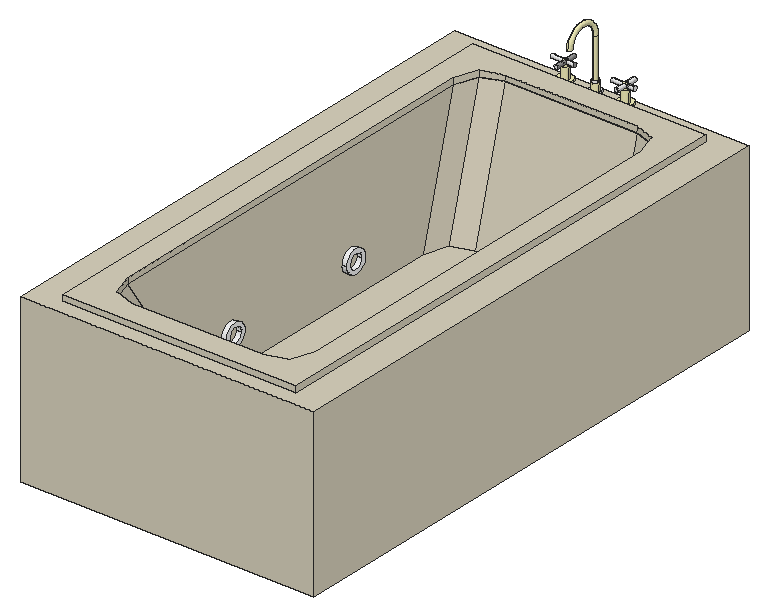
Revit family
Parameters
  Width = 3' - 3"
  Weight = 1126
  Wattage = 0
  Waste Connection = no
  Warranty Duration (Years) = 10
  Voltage = 120
  Vent Connection = no
  URL = "http://www.arcat.com"
  Type Comments = ""
  Test Data = ""
  Specification = "http://www.arcat.com/divs/sec/sec15410.shtml"
  Sales Information = ""
  Product Properties = "http://www.arcat.com/bim/bim_info.pl?fn=Tub_Whirlpool"
  Product Data = "http://www.arcat.com/divs/sec/sec15410.shtml"
  Operating Volume (Gal) = 86
  Model = "Generic"  # constant formula
  Max Water Temp - F = 120
  Manufacturer Website = "http://www.arcat.com"
  Manufacturer Phone - Toll Free = ""
  Manufacturer Phone = "(203) 929-9444"  # constant formula
  Manufacturer Fax = "(203) 939-2444"  # constant formula
  Manufacturer Email = "bim@arcat.com"  # constant formula
  Manufacturer Address = "1077 Bridgeport Ave, Shelton, CT 06484"  # constant formula
  Manufacturer = "Generic"  # constant formula
  Maintenance Schedule (Months) = 6
  Length = 6' - 0"
  Keynote = "15410"
  Jet Count = 12
  Installation_Fabrication = ""
  Installation Phase = ""
  Height = 1' - 10"
  HW Connection = no
  Green Building - LEED = "http://www.arcat.com/green/green_building.shtml"
  Flow Type = "Air Bath"
  Finish - Bath Fixtures = ARCAT - Metal - Brass
  Finish - Bath Fixture Accent = ARCAT - Metal - Chrome
  Finish - Bath Fittings = ARCAT - Fiberglass - Cream
  Faucet-Controls [instance] = Basic Faucet : Basic Faucet
  Expected Lifespan (Years) = 20
  Drawn By = "Robert S. Weygant. CSI, CDT, SCIP"  # constant formula
  Drain Overflow Height = 1' - 6 1/2"
  Description = "Tub, Whirlpool"  # constant formula
  Default Elevation = "4' 0\""
  Copyright = "2008, ARCAT, Inc."  # constant formula
  Construction Details = "http://www.arcat.com/divs/sec/sec15410.shtml"
  CW Connection = no
  Building Codes = ""
  Assembly Code = "D2010510"
  Amperage = 15
Reference planes (in)
  plane 1: z = 0
  plane 2: y = -41.78062
  plane 3: y = -41.78062
  plane 4: z = 26
  plane 5: y = 42.21938
  plane 6: x = -72.38549
  plane 7: x = -111.38549
  plane 8: y = 32.21938
  plane 9: y = -19.78062
  plane 10: x = -104.38549
  plane 11: x = -79.38549
  plane 12: y = -29.78062
  plane 13: y = 6.21938
  plane 14: x = -91.88549
  plane 15: z = 26
  plane 16: y = -31.78062
  plane 17: z = 22
  plane 18: y = -31.78062
  plane 19: z = 26
  plane 20 "Connection Level": z = 70
Forms (in)
  Revolve 1, solid, not visible
    sketch origin (5.5, 0, 0) x (0, -1, 0) y (0, 0, -1)
      loop
        line (34.12552, -13.90445) -> (34.03935, -13.15942)
        arc (34.03935, -13.15942) -> (33.99048, -13.17966) -> (33.97023, -13.22853) r 0.06911
        arc (33.97023, -13.22853) -> (33.93871, -13.57621) -> (33.94591, -13.92523) r 3.14606
        line (33.94591, -13.92523) -> (34.06023, -13.91201) -> (34.06905, -13.98821) -> (34.13434, -13.98066) -> (34.12552, -13.90445)
      axis (33.95472, -14.00144) -> (34.13434, -13.98066)
    angle from 0 to 360
  Revolve 2, solid, not visible
    sketch origin (5.5, 0, 0) x (0, -1, 0) y (0, 0, -1)
      loop
        line (34.07786, -14.06442) -> (34.06905, -13.98821) -> (34.01543, -13.99442) -> (34.01543, -14.05231)
        arc (34.01543, -14.05231) -> (33.95153, -14.13636) -> (33.85546, -14.18013) r 0.2162
        arc (33.85546, -14.18013) -> (33.64068, -14.18643) -> (33.4338, -14.12835) r 0.71185
        line (33.4338, -14.12835) -> (33.40802, -14.18529)
        arc (33.40802, -14.18529) -> (33.63306, -14.24846) -> (33.8667, -14.24161) r 0.77435
        arc (33.8667, -14.24161) -> (33.99572, -14.18095) -> (34.07786, -14.06442) r 0.2787
      axis (34.06905, -13.98821) -> (33.39426, -14.06627)
    angle from 0 to 360
  Revolve 3, solid, not visible
    sketch origin (2.25, -0.30355, 2.39213) x (0, -1, 0) y (0, 0, -1)
      loop
        line (34.12552, -13.90445) -> (34.03935, -13.15942)
        arc (34.03935, -13.15942) -> (33.99048, -13.17966) -> (33.97023, -13.22853) r 0.06911
        arc (33.97023, -13.22853) -> (33.93871, -13.57621) -> (33.94591, -13.92523) r 3.14606
        line (33.94591, -13.92523) -> (34.06023, -13.91201) -> (34.06905, -13.98821) -> (34.13434, -13.98066) -> (34.12552, -13.90445)
      axis (33.95472, -14.00144) -> (34.13434, -13.98066)
    angle from 0 to 360
  Revolve 4, solid, not visible
    sketch origin (2.25, -0.30355, 2.39213) x (0, -1, 0) y (0, 0, -1)
      loop
        line (34.07786, -14.06442) -> (34.06905, -13.98821) -> (34.01543, -13.99442) -> (34.01543, -14.05231)
        arc (34.01543, -14.05231) -> (33.95153, -14.13636) -> (33.85546, -14.18013) r 0.2162
        arc (33.85546, -14.18013) -> (33.64068, -14.18643) -> (33.4338, -14.12835) r 0.71185
        line (33.4338, -14.12835) -> (33.40802, -14.18529)
        arc (33.40802, -14.18529) -> (33.63306, -14.24846) -> (33.8667, -14.24161) r 0.77435
        arc (33.8667, -14.24161) -> (33.99572, -14.18095) -> (34.07786, -14.06442) r 0.2787
      axis (34.06905, -13.98821) -> (33.39426, -14.06627)
    angle from 0 to 360
  Revolve 5, solid, not visible
    sketch origin (-5.5, 0, 0) x (0, -1, 0) y (0, 0, 1)
      loop
        line (34.12552, 13.90445) -> (34.13434, 13.98066) -> (34.06905, 13.98821) -> (34.06023, 13.91201) -> (33.94591, 13.92523)
        arc (33.94591, 13.92523) -> (33.93871, 13.57621) -> (33.97023, 13.22853) r 3.14606
        arc (33.97023, 13.22853) -> (33.99048, 13.17966) -> (34.03935, 13.15942) r 0.06911
        line (34.03935, 13.15942) -> (34.12552, 13.90445)
      axis (33.95472, 14.00144) -> (34.13434, 13.98066)
    angle from 0 to 360
  Revolve 6, solid, not visible
    sketch origin (-5.5, 0, 0) x (0, -1, 0) y (0, 0, 1)
      loop
        arc (34.07786, 14.06442) -> (33.99572, 14.18095) -> (33.8667, 14.24161) r 0.2787
        arc (33.8667, 14.24161) -> (33.63306, 14.24846) -> (33.40802, 14.18529) r 0.77435
        line (33.40802, 14.18529) -> (33.4338, 14.12835)
        arc (33.4338, 14.12835) -> (33.64068, 14.18643) -> (33.85546, 14.18013) r 0.71185
        arc (33.85546, 14.18013) -> (33.95153, 14.13636) -> (34.01543, 14.05231) r 0.2162
        line (34.01543, 14.05231) -> (34.01543, 13.99442) -> (34.06905, 13.98821) -> (34.07786, 14.06442)
      axis (34.06905, 13.98821) -> (33.39426, 14.06627)
    angle from 0 to 360
  Revolve 7, solid, not visible
    sketch origin (-2.25, -0.30355, 2.39213) x (0, -1, 0) y (0, 0, 1)
      loop
        line (34.12552, 13.90445) -> (34.13434, 13.98066) -> (34.06905, 13.98821) -> (34.06023, 13.91201) -> (33.94591, 13.92523)
        arc (33.94591, 13.92523) -> (33.93871, 13.57621) -> (33.97023, 13.22853) r 3.14606
        arc (33.97023, 13.22853) -> (33.99048, 13.17966) -> (34.03935, 13.15942) r 0.06911
        line (34.03935, 13.15942) -> (34.12552, 13.90445)
      axis (33.95472, 14.00144) -> (34.13434, 13.98066)
    angle from 0 to 360
  Revolve 8, solid, not visible
    sketch origin (-2.25, -0.30355, 2.39213) x (0, -1, 0) y (0, 0, 1)
      loop
        arc (34.07786, 14.06442) -> (33.99572, 14.18095) -> (33.8667, 14.24161) r 0.2787
        arc (33.8667, 14.24161) -> (33.63306, 14.24846) -> (33.40802, 14.18529) r 0.77435
        line (33.40802, 14.18529) -> (33.4338, 14.12835)
        arc (33.4338, 14.12835) -> (33.64068, 14.18643) -> (33.85546, 14.18013) r 0.71185
        arc (33.85546, 14.18013) -> (33.95153, 14.13636) -> (34.01543, 14.05231) r 0.2162
        line (34.01543, 14.05231) -> (34.01543, 13.99442) -> (34.06905, 13.98821) -> (34.07786, 14.06442)
      axis (34.06905, 13.98821) -> (33.39426, 14.06627)
    angle from 0 to 360
  Revolve 9, solid, not visible
    sketch origin (5.5, 0, 0) x (0, -1, 0) y (0, 0, -1)
      loop
        line (34.12552, -13.90445) -> (34.03935, -13.15942)
        arc (34.03935, -13.15942) -> (33.99048, -13.17966) -> (33.97023, -13.22853) r 0.06911
        arc (33.97023, -13.22853) -> (33.93871, -13.57621) -> (33.94591, -13.92523) r 3.14606
        line (33.94591, -13.92523) -> (34.06023, -13.91201) -> (34.06905, -13.98821) -> (34.13434, -13.98066) -> (34.12552, -13.90445)
      axis (33.95472, -14.00144) -> (34.13434, -13.98066)
    angle from 0 to 360
  Revolve 10, solid, not visible
    sketch origin (5.5, 0, 0) x (0, -1, 0) y (0, 0, -1)
      loop
        line (34.07786, -14.06442) -> (34.06905, -13.98821) -> (34.01543, -13.99442) -> (34.01543, -14.05231)
        arc (34.01543, -14.05231) -> (33.95153, -14.13636) -> (33.85546, -14.18013) r 0.2162
        arc (33.85546, -14.18013) -> (33.64068, -14.18643) -> (33.4338, -14.12835) r 0.71185
        line (33.4338, -14.12835) -> (33.40802, -14.18529)
        arc (33.40802, -14.18529) -> (33.63306, -14.24846) -> (33.8667, -14.24161) r 0.77435
        arc (33.8667, -14.24161) -> (33.99572, -14.18095) -> (34.07786, -14.06442) r 0.2787
      axis (34.06905, -13.98821) -> (33.39426, -14.06627)
    angle from 0 to 360
  Revolve 11, solid, not visible
    sketch origin (2.25, -0.30355, 2.39213) x (0, -1, 0) y (0, 0, -1)
      loop
        line (34.12552, -13.90445) -> (34.03935, -13.15942)
        arc (34.03935, -13.15942) -> (33.99048, -13.17966) -> (33.97023, -13.22853) r 0.06911
        arc (33.97023, -13.22853) -> (33.93871, -13.57621) -> (33.94591, -13.92523) r 3.14606
        line (33.94591, -13.92523) -> (34.06023, -13.91201) -> (34.06905, -13.98821) -> (34.13434, -13.98066) -> (34.12552, -13.90445)
      axis (33.95472, -14.00144) -> (34.13434, -13.98066)
    angle from 0 to 360
  Revolve 12, solid, not visible
    sketch origin (2.25, -0.30355, 2.39213) x (0, -1, 0) y (0, 0, -1)
      loop
        line (34.07786, -14.06442) -> (34.06905, -13.98821) -> (34.01543, -13.99442) -> (34.01543, -14.05231)
        arc (34.01543, -14.05231) -> (33.95153, -14.13636) -> (33.85546, -14.18013) r 0.2162
        arc (33.85546, -14.18013) -> (33.64068, -14.18643) -> (33.4338, -14.12835) r 0.71185
        line (33.4338, -14.12835) -> (33.40802, -14.18529)
        arc (33.40802, -14.18529) -> (33.63306, -14.24846) -> (33.8667, -14.24161) r 0.77435
        arc (33.8667, -14.24161) -> (33.99572, -14.18095) -> (34.07786, -14.06442) r 0.2787
      axis (34.06905, -13.98821) -> (33.39426, -14.06627)
    angle from 0 to 360
  Revolve 13, solid, not visible
    sketch origin (-5.5, 0, 0) x (0, -1, 0) y (0, 0, 1)
      loop
        line (34.15203, 13.90139) -> (34.16084, 13.9776) -> (34.06905, 13.98821) -> (34.06057, 13.91489) -> (33.96639, 13.92579)
        arc (33.96639, 13.92579) -> (33.9596, 13.58312) -> (33.99025, 13.24175) r 3.1349
        arc (33.99025, 13.24175) -> (34.01269, 13.18758) -> (34.06686, 13.16514) r 0.07661
        line (34.06686, 13.16514) -> (34.15203, 13.90139)
      axis (33.97487, 13.99911) -> (34.16084, 13.9776)
    angle from 0 to 360
  Revolve 14, solid, not visible
    sketch origin (-5.5, 0, 0) x (0, -1, 0) y (0, 0, 1)
      loop
        arc (34.07786, 14.06442) -> (33.99572, 14.18095) -> (33.8667, 14.24161) r 0.2787
        arc (33.8667, 14.24161) -> (33.63306, 14.24846) -> (33.40802, 14.18529) r 0.77435
        line (33.40802, 14.18529) -> (33.4338, 14.12835)
        arc (33.4338, 14.12835) -> (33.64068, 14.18643) -> (33.85546, 14.18013) r 0.71185
        arc (33.85546, 14.18013) -> (33.95153, 14.13636) -> (34.01543, 14.05231) r 0.2162
        line (34.01543, 14.05231) -> (34.01543, 13.99442) -> (34.06905, 13.98821) -> (34.07786, 14.06442)
      axis (34.06905, 13.98821) -> (33.39426, 14.06627)
    angle from 0 to 360
  Revolve 15, solid, not visible
    sketch origin (-2.25, -0.30355, 2.39213) x (0, -1, 0) y (0, 0, 1)
      loop
        line (34.12552, 13.90445) -> (34.13434, 13.98066) -> (34.06905, 13.98821) -> (34.06023, 13.91201) -> (33.94591, 13.92523)
        arc (33.94591, 13.92523) -> (33.93871, 13.57621) -> (33.97023, 13.22853) r 3.14606
        arc (33.97023, 13.22853) -> (33.99048, 13.17966) -> (34.03935, 13.15942) r 0.06911
        line (34.03935, 13.15942) -> (34.12552, 13.90445)
      axis (33.95472, 14.00144) -> (34.13434, 13.98066)
    angle from 0 to 360
  Revolve 16, solid, not visible
    sketch origin (-2.25, -0.30355, 2.39213) x (0, -1, 0) y (0, 0, 1)
      loop
        arc (34.07786, 14.06442) -> (33.99572, 14.18095) -> (33.8667, 14.24161) r 0.2787
        arc (33.8667, 14.24161) -> (33.63306, 14.24846) -> (33.40802, 14.18529) r 0.77435
        line (33.40802, 14.18529) -> (33.4338, 14.12835)
        arc (33.4338, 14.12835) -> (33.64068, 14.18643) -> (33.85546, 14.18013) r 0.71185
        arc (33.85546, 14.18013) -> (33.95153, 14.13636) -> (34.01543, 14.05231) r 0.2162
        line (34.01543, 14.05231) -> (34.01543, 13.99442) -> (34.06905, 13.98821) -> (34.07786, 14.06442)
      axis (34.06905, 13.98821) -> (33.39426, 14.06627)
    angle from 0 to 360
  Extrusion 17, solid, material "ARCAT - Fiberglass - Cream" <- "Finish - Bath Fittings"
    sketch origin (0, 0, -26) x (1, 0, 0) y (0, 1, 0)
      loop
        line (-72.38549, 42.21938) -> (-111.38549, 42.21938) -> (-111.38549, -29.78062) -> (-72.38549, -29.78062) -> (-72.38549, 42.21938)
    from 26 to 48
  Blend 18, void
    base sketch origin (0, 0, 1) x (1, 0, 0) y (0, 1, 0)
      loop
        line (-100.63801, 32.21938) -> (-103.38549, 31.21938) -> (-104.38549, 28.21938) -> (-104.38549, -9.03062) -> (-103.38549, -12.03062) -> (-100.63801, -13.03062) -> (-83.13296, -13.03062) -> (-80.38549, -12.03062) -> (-79.38549, -9.03062) -> (-79.38549, 28.21938) -> (-80.38549, 31.21938) -> (-83.13296, 32.21938) -> (-100.63801, 32.21938)
    top sketch origin (0, 0, 1) x (1, 0, 0) y (0, 1, 0)
      loop
        line (-100.63801, 37.21938) -> (-103.38549, 36.21938) -> (-104.38549, 33.21938) -> (-104.38549, -20.78062) -> (-103.38549, -23.78062) -> (-100.63801, -24.78062) -> (-83.13296, -24.78062) -> (-80.38549, -23.78062) -> (-79.38549, -20.78062) -> (-79.38549, 33.21938) -> (-80.38549, 36.21938) -> (-83.13296, 37.21938) -> (-100.63801, 37.21938)
    from 3 to 21
  Extrusion 19, solid, material "ARCAT - Metal - Chrome" <- "Finish - Bath Fixture Accent"
    sketch origin (-89.63549, -15.56123, 0.10521) x (0, -1, 0) y (0, 0, 1)
      loop
        circle (-11.78062, 8.57439) r 1.5
      loop
        circle (-11.78062, 8.57439) r 1
    from 14 to 14.75
  Revolve 20, solid, not visible
    sketch origin (-94.31633, 0.4995, 5.51444) x (0, -0.987567, -0.157196) y (0, 0.157196, -0.987567)
      loop
        line (34.12552, -13.90445) -> (34.03935, -13.15942)
        arc (34.03935, -13.15942) -> (33.99048, -13.17966) -> (33.97023, -13.22853) r 0.06911
        arc (33.97023, -13.22853) -> (33.93871, -13.57621) -> (33.94591, -13.92523) r 3.14606
        line (33.94591, -13.92523) -> (34.06023, -13.91201) -> (34.06905, -13.98821) -> (34.13434, -13.98066) -> (34.12552, -13.90445)
      axis (33.95472, -14.00144) -> (34.13434, -13.98066)
    angle from 0 to 360
  Revolve 21, solid, not visible
    sketch origin (-94.31633, 0.4995, 5.51444) x (0, -0.987567, -0.157196) y (0, 0.157196, -0.987567)
      loop
        line (34.07786, -14.06442) -> (34.06905, -13.98821) -> (34.01543, -13.99442) -> (34.01543, -14.05231)
        arc (34.01543, -14.05231) -> (33.95153, -14.13636) -> (33.85546, -14.18013) r 0.2162
        arc (33.85546, -14.18013) -> (33.64068, -14.18643) -> (33.4338, -14.12835) r 0.71185
        line (33.4338, -14.12835) -> (33.40802, -14.18529)
        arc (33.40802, -14.18529) -> (33.63306, -14.24846) -> (33.8667, -14.24161) r 0.77435
        arc (33.8667, -14.24161) -> (33.99572, -14.18095) -> (34.07786, -14.06442) r 0.2787
      axis (34.06905, -13.98821) -> (33.39426, -14.06627)
    angle from 0 to 360
  Extrusion 22, solid, material "ARCAT - Metal - Chrome" <- "Finish - Bath Fixture Accent"
    sketch origin (-89.63549, 16, 0.10521) x (0, 1, 0) y (0, 0, -1)
      loop
        circle (0.21938, -8.57439) r 1.5
      loop
        circle (0.21938, -8.57439) r 1
    from 14 to 14.75
  Extrusion 23, solid, material "ARCAT - Metal - Chrome" <- "Finish - Bath Fixture Accent"
    sketch origin (-106.13549, -15.56123, 0.10521) x (0, -1, 0) y (0, 0, -1)
      loop
        circle (-11.78062, -8.57439) r 1.5
      loop
        circle (-11.78062, -8.57439) r 1
    from 26 to 26.75
  Extrusion 24, solid, material "ARCAT - Metal - Chrome" <- "Finish - Bath Fixture Accent"
    sketch origin (-106.13549, 16, 0.10521) x (0, 1, 0) y (0, 0, 1)
      loop
        circle (0.21938, 8.57439) r 1.5
      loop
        circle (0.21938, 8.57439) r 1
    from 26 to 26.75
  Revolve 25, solid, not visible
    sketch origin (-91.90974, 0.4995, 5.51444) x (0, -0.987567, -0.157196) y (0, 0.157196, -0.987567)
      loop
        line (34.12552, -13.90445) -> (34.03935, -13.15942)
        arc (34.03935, -13.15942) -> (33.99048, -13.17966) -> (33.97023, -13.22853) r 0.06911
        arc (33.97023, -13.22853) -> (33.93871, -13.57621) -> (33.94591, -13.92523) r 3.14606
        line (33.94591, -13.92523) -> (34.06023, -13.91201) -> (34.06905, -13.98821) -> (34.13434, -13.98066) -> (34.12552, -13.90445)
      axis (33.95472, -14.00144) -> (34.13434, -13.98066)
    angle from 0 to 360
  Revolve 26, solid, not visible
    sketch origin (-91.90974, 0.4995, 5.51444) x (0, -0.987567, -0.157196) y (0, 0.157196, -0.987567)
      loop
        line (34.07786, -14.06442) -> (34.06905, -13.98821) -> (34.01543, -13.99442) -> (34.01543, -14.05231)
        arc (34.01543, -14.05231) -> (33.95153, -14.13636) -> (33.85546, -14.18013) r 0.2162
        arc (33.85546, -14.18013) -> (33.64068, -14.18643) -> (33.4338, -14.12835) r 0.71185
        line (33.4338, -14.12835) -> (33.40802, -14.18529)
        arc (33.40802, -14.18529) -> (33.63306, -14.24846) -> (33.8667, -14.24161) r 0.77435
        arc (33.8667, -14.24161) -> (33.99572, -14.18095) -> (34.07786, -14.06442) r 0.2787
      axis (34.06905, -13.98821) -> (33.39426, -14.06627)
    angle from 0 to 360
  Revolve 27, solid, not visible
    sketch origin (-103.90974, 0.4995, 5.51444) x (0, -0.987567, -0.157196) y (0, 0.157196, -0.987567)
      loop
        line (34.12552, -13.90445) -> (34.03935, -13.15942)
        arc (34.03935, -13.15942) -> (33.99048, -13.17966) -> (33.97023, -13.22853) r 0.06911
        arc (33.97023, -13.22853) -> (33.93871, -13.57621) -> (33.94591, -13.92523) r 3.14606
        line (33.94591, -13.92523) -> (34.06023, -13.91201) -> (34.06905, -13.98821) -> (34.13434, -13.98066) -> (34.12552, -13.90445)
      axis (33.95472, -14.00144) -> (34.13434, -13.98066)
    angle from 0 to 360
  Revolve 28, solid, not visible
    sketch origin (-103.90974, 0.4995, 5.51444) x (0, -0.987567, -0.157196) y (0, 0.157196, -0.987567)
      loop
        line (34.07786, -14.06442) -> (34.06905, -13.98821) -> (34.01543, -13.99442) -> (34.01543, -14.05231)
        arc (34.01543, -14.05231) -> (33.95153, -14.13636) -> (33.85546, -14.18013) r 0.2162
        arc (33.85546, -14.18013) -> (33.64068, -14.18643) -> (33.4338, -14.12835) r 0.71185
        line (33.4338, -14.12835) -> (33.40802, -14.18529)
        arc (33.40802, -14.18529) -> (33.63306, -14.24846) -> (33.8667, -14.24161) r 0.77435
        arc (33.8667, -14.24161) -> (33.99572, -14.18095) -> (34.07786, -14.06442) r 0.2787
      axis (34.06905, -13.98821) -> (33.39426, -14.06627)
    angle from 0 to 360
  Revolve 29, solid, not visible
    sketch origin (-95.90974, 0.4995, 5.51444) x (0, -0.987567, -0.157196) y (0, 0.157196, -0.987567)
      loop
        line (34.12552, -13.90445) -> (34.03935, -13.15942)
        arc (34.03935, -13.15942) -> (33.99048, -13.17966) -> (33.97023, -13.22853) r 0.06911
        arc (33.97023, -13.22853) -> (33.93871, -13.57621) -> (33.94591, -13.92523) r 3.14606
        line (33.94591, -13.92523) -> (34.06023, -13.91201) -> (34.06905, -13.98821) -> (34.13434, -13.98066) -> (34.12552, -13.90445)
      axis (33.95472, -14.00144) -> (34.13434, -13.98066)
    angle from 0 to 360
  Revolve 30, solid, not visible
    sketch origin (-95.90974, 0.4995, 5.51444) x (0, -0.987567, -0.157196) y (0, 0.157196, -0.987567)
      loop
        line (34.07786, -14.06442) -> (34.06905, -13.98821) -> (34.01543, -13.99442) -> (34.01543, -14.05231)
        arc (34.01543, -14.05231) -> (33.95153, -14.13636) -> (33.85546, -14.18013) r 0.2162
        arc (33.85546, -14.18013) -> (33.64068, -14.18643) -> (33.4338, -14.12835) r 0.71185
        line (33.4338, -14.12835) -> (33.40802, -14.18529)
        arc (33.40802, -14.18529) -> (33.63306, -14.24846) -> (33.8667, -14.24161) r 0.77435
        arc (33.8667, -14.24161) -> (33.99572, -14.18095) -> (34.07786, -14.06442) r 0.2787
      axis (34.06905, -13.98821) -> (33.39426, -14.06627)
    angle from 0 to 360
  Revolve 31, solid, not visible
    sketch origin (-99.90974, 0.4995, 5.51444) x (0, -0.987567, -0.157196) y (0, 0.157196, -0.987567)
      loop
        line (34.12552, -13.90445) -> (34.03935, -13.15942)
        arc (34.03935, -13.15942) -> (33.99048, -13.17966) -> (33.97023, -13.22853) r 0.06911
        arc (33.97023, -13.22853) -> (33.93871, -13.57621) -> (33.94591, -13.92523) r 3.14606
        line (33.94591, -13.92523) -> (34.06023, -13.91201) -> (34.06905, -13.98821) -> (34.13434, -13.98066) -> (34.12552, -13.90445)
      axis (33.95472, -14.00144) -> (34.13434, -13.98066)
    angle from 0 to 360
  Revolve 32, solid, not visible
    sketch origin (-99.90974, 0.4995, 5.51444) x (0, -0.987567, -0.157196) y (0, 0.157196, -0.987567)
      loop
        line (34.07786, -14.06442) -> (34.06905, -13.98821) -> (34.01543, -13.99442) -> (34.01543, -14.05231)
        arc (34.01543, -14.05231) -> (33.95153, -14.13636) -> (33.85546, -14.18013) r 0.2162
        arc (33.85546, -14.18013) -> (33.64068, -14.18643) -> (33.4338, -14.12835) r 0.71185
        line (33.4338, -14.12835) -> (33.40802, -14.18529)
        arc (33.40802, -14.18529) -> (33.63306, -14.24846) -> (33.8667, -14.24161) r 0.77435
        arc (33.8667, -14.24161) -> (33.99572, -14.18095) -> (34.07786, -14.06442) r 0.2787
      axis (34.06905, -13.98821) -> (33.39426, -14.06627)
    angle from 0 to 360
  Extrusion 33, solid, material "ARCAT - Fiberglass - Cream" <- "Finish - Bath Fittings"
    sketch origin (0, 1, 0) x (1, 0, 0) y (0, 1, 0)
      loop
        line (-100.63801, 36.21938) -> (-103.38549, 35.21938) -> (-104.38549, 32.21938) -> (-104.38549, -21.78062) -> (-103.38549, -24.78062) -> (-100.63801, -25.78062) -> (-83.13296, -25.78062) -> (-80.38549, -24.78062) -> (-79.38549, -21.78062) -> (-79.38549, 32.21938) -> (-80.38549, 35.21938) -> (-83.13296, 36.21938) -> (-100.63801, 36.21938)
      loop
        line (-107.38549, 39.21938) -> (-107.38549, -28.78062) -> (-76.38549, -28.78062) -> (-76.38549, 39.21938) -> (-107.38549, 39.21938)
    from 22 to 22.75
Cuts and joins
  Blend 18 cuts Extrusion 17
Dimensions and locks (in)
  "Length": plane 12 to plane 5
  "Width": plane 7 to plane 6
  equal spacing: plane 12, plane 13, plane 5
  locked: Blend 18 sketch curve to plane 9 at 5
  locked: Blend 18 sketch curve to plane 8 at 5
  var sketch to Blend 18 sketch curve = 0' - 0"  (x2)
  locked: plane 12 to plane 9 at 10
  locked: plane 5 to plane 8 at 10
  locked: plane 7 to plane 10 at 7
  locked: plane 11 to plane 6 at 7
  plane 7 to Blend 18 sketch curve = 0' - 7"
  Blend 18 sketch curve to plane 6 = 0' - 7"
  locked: Extrusion 19 to Extrusion 19 at 0.75
  locked: Extrusion 22 to Extrusion 22 at 0.75  (x2)
  locked: Extrusion 23 to Extrusion 23 at 0.75
  locked: Extrusion 24 to Extrusion 24 at 0.75  (x2)
  "Height": plane 17 to level
  equal spacing: plane 7, plane 14, plane 6
  locked: plane 17 to cut or joined group of Extrusion 17, Blend 18 at 0
  Extrusion 33 to Extrusion 33 to plane 17 = 0' - 0 3/4" locked, 0' - 0" locked
  aligned and locked: plane 10 to Extrusion 19
  aligned and locked: plane 11 to Extrusion 24
  aligned and locked: plane 10 to Extrusion 22
  aligned and locked: plane 17 to cut or joined group of Extrusion 17, Blend 18  (x2)
  aligned and locked: cut or joined group of Extrusion 17, Blend 18 to plane 17
Automatic sketch dimensions
  Revolve 1 sketch curve to Revolve 1 sketch curve = 0' - 0.02433"
  Revolve 1 sketch curve to Revolve 1 sketch curve = 0' - 0.06911"
  Revolve 1 sketch curve to Revolve 1 sketch curve = 0' - 0.11433"
  Revolve 1 sketch curve to Revolve 1 sketch curve = 0' - 0.00881"
  Revolve 1 sketch curve to Revolve 1 sketch curve = 0' - 0"  (x4)
  Revolve 1 sketch curve to Revolve 1 sketch curve = 0' - 0.06529"  (x2)
  Revolve 1 sketch curve to Revolve 1 sketch curve = 0' - 2.94852"
  Revolve 1 sketch curve to Revolve 1 sketch curve = 0' - 0.00755"
  Revolve 1 sketch curve to Revolve 1 sketch curve = 0' - 0.29466"
  Revolve 2 sketch curve to Revolve 2 sketch curve = 0' - 0"  (x14)
  Revolve 2 sketch curve to Revolve 2 sketch curve = 0' - 0.02578"
  Revolve 2 sketch curve to Revolve 2 sketch curve = 0' - 0.29363"
  Revolve 2 sketch curve to Revolve 2 sketch curve = 0' - 0.38277"
  Revolve 2 sketch curve to Revolve 2 sketch curve = 0' - 0.03888"
  Revolve 2 sketch curve to Revolve 2 sketch curve = 0' - 0.01124"
  Revolve 2 sketch curve to Revolve 2 sketch curve = 0' - 0.15997"
  Revolve 2 sketch curve to Revolve 2 sketch curve = 0' - 0.05362"
  Revolve 2 sketch curve to Revolve 2 sketch curve = 0' - 0.06244"
  Revolve 2 sketch curve to Revolve 2 sketch curve = 0' - 0.05632"
  Revolve 2 sketch curve to Revolve 2 sketch curve = 0' - 0.0579"
  Revolve 3 sketch curve to Revolve 3 sketch curve = 0' - 0.02433"
  Revolve 3 sketch curve to Revolve 3 sketch curve = 0' - 0.06911"
  Revolve 3 sketch curve to Revolve 3 sketch curve = 0' - 0.11433"
  Revolve 3 sketch curve to Revolve 3 sketch curve = 0' - 0.00881"
  Revolve 3 sketch curve to Revolve 3 sketch curve = 0' - 0"  (x4)
  Revolve 3 sketch curve to Revolve 3 sketch curve = 0' - 0.06529"  (x2)
  Revolve 3 sketch curve to Revolve 3 sketch curve = 0' - 2.94852"
  Revolve 3 sketch curve to Revolve 3 sketch curve = 0' - 0.00755"
  Revolve 3 sketch curve to Revolve 3 sketch curve = 0' - 0.29466"
  Revolve 4 sketch curve to Revolve 4 sketch curve = 0' - 0"  (x14)
  Revolve 4 sketch curve to Revolve 4 sketch curve = 0' - 0.02578"
  Revolve 4 sketch curve to Revolve 4 sketch curve = 0' - 0.29363"
  Revolve 4 sketch curve to Revolve 4 sketch curve = 0' - 0.38277"
  Revolve 4 sketch curve to Revolve 4 sketch curve = 0' - 0.03888"
  Revolve 4 sketch curve to Revolve 4 sketch curve = 0' - 0.01124"
  Revolve 4 sketch curve to Revolve 4 sketch curve = 0' - 0.15997"
  Revolve 4 sketch curve to Revolve 4 sketch curve = 0' - 0.05362"
  Revolve 4 sketch curve to Revolve 4 sketch curve = 0' - 0.06244"
  Revolve 4 sketch curve to Revolve 4 sketch curve = 0' - 0.05632"
  Revolve 4 sketch curve to Revolve 4 sketch curve = 0' - 0.0579"
  Revolve 5 sketch curve to Revolve 5 sketch curve = 0' - 0.02433"
  Revolve 5 sketch curve to Revolve 5 sketch curve = 0' - 0.06911"
  Revolve 5 sketch curve to Revolve 5 sketch curve = 0' - 0.11433"
  Revolve 5 sketch curve to Revolve 5 sketch curve = 0' - 0.00881"
  Revolve 5 sketch curve to Revolve 5 sketch curve = 0' - 0"  (x4)
  Revolve 5 sketch curve to Revolve 5 sketch curve = 0' - 0.06529"  (x2)
  Revolve 5 sketch curve to Revolve 5 sketch curve = 0' - 2.94852"
  Revolve 5 sketch curve to Revolve 5 sketch curve = 0' - 0.45747"
  Revolve 5 sketch curve to Revolve 5 sketch curve = 0' - 0.02078"
  Revolve 6 sketch curve to Revolve 6 sketch curve = 0' - 0"  (x14)
  Revolve 6 sketch curve to Revolve 6 sketch curve = 0' - 0.02578"
  Revolve 6 sketch curve to Revolve 6 sketch curve = 0' - 0.29363"
  Revolve 6 sketch curve to Revolve 6 sketch curve = 0' - 0.38277"
  Revolve 6 sketch curve to Revolve 6 sketch curve = 0' - 0.03888"
  Revolve 6 sketch curve to Revolve 6 sketch curve = 0' - 0.01124"
  Revolve 6 sketch curve to Revolve 6 sketch curve = 0' - 0.15997"
  Revolve 6 sketch curve to Revolve 6 sketch curve = 0' - 0.05362"
  Revolve 6 sketch curve to Revolve 6 sketch curve = 0' - 0.06244"
  Revolve 6 sketch curve to Revolve 6 sketch curve = 0' - 0.48756"
  Revolve 6 sketch curve to Revolve 6 sketch curve = 0' - 0.07621"
  Revolve 7 sketch curve to Revolve 7 sketch curve = 0' - 0.02433"
  Revolve 7 sketch curve to Revolve 7 sketch curve = 0' - 0.06911"
  Revolve 7 sketch curve to Revolve 7 sketch curve = 0' - 0.11433"
  Revolve 7 sketch curve to Revolve 7 sketch curve = 0' - 0.00881"
  Revolve 7 sketch curve to Revolve 7 sketch curve = 0' - 0"  (x4)
  Revolve 7 sketch curve to Revolve 7 sketch curve = 0' - 0.06529"  (x2)
  Revolve 7 sketch curve to Revolve 7 sketch curve = 0' - 2.94852"
  Revolve 7 sketch curve to Revolve 7 sketch curve = 0' - 0.45747"
  Revolve 7 sketch curve to Revolve 7 sketch curve = 0' - 0.02078"
  Revolve 8 sketch curve to Revolve 8 sketch curve = 0' - 0"  (x14)
  Revolve 8 sketch curve to Revolve 8 sketch curve = 0' - 0.02578"
  Revolve 8 sketch curve to Revolve 8 sketch curve = 0' - 0.29363"
  Revolve 8 sketch curve to Revolve 8 sketch curve = 0' - 0.38277"
  Revolve 8 sketch curve to Revolve 8 sketch curve = 0' - 0.03888"
  Revolve 8 sketch curve to Revolve 8 sketch curve = 0' - 0.01124"
  Revolve 8 sketch curve to Revolve 8 sketch curve = 0' - 0.15997"
  Revolve 8 sketch curve to Revolve 8 sketch curve = 0' - 0.05362"
  Revolve 8 sketch curve to Revolve 8 sketch curve = 0' - 0.06244"
  Revolve 8 sketch curve to Revolve 8 sketch curve = 0' - 0.48756"
  Revolve 8 sketch curve to Revolve 8 sketch curve = 0' - 0.07621"
  Revolve 9 sketch curve to Revolve 9 sketch curve = 0' - 0.02433"
  Revolve 9 sketch curve to Revolve 9 sketch curve = 0' - 0.06911"
  Revolve 9 sketch curve to Revolve 9 sketch curve = 0' - 0.11433"
  Revolve 9 sketch curve to Revolve 9 sketch curve = 0' - 0.00881"
  Revolve 9 sketch curve to Revolve 9 sketch curve = 0' - 0"  (x4)
  Revolve 9 sketch curve to Revolve 9 sketch curve = 0' - 0.06529"  (x2)
  Revolve 9 sketch curve to Revolve 9 sketch curve = 0' - 2.94852"
  Revolve 9 sketch curve to Revolve 9 sketch curve = 0' - 0.00755"
  Revolve 9 sketch curve to Revolve 9 sketch curve = 0' - 0.29466"
  Revolve 10 sketch curve to Revolve 10 sketch curve = 0' - 0"  (x14)
  Revolve 10 sketch curve to Revolve 10 sketch curve = 0' - 0.02578"
  Revolve 10 sketch curve to Revolve 10 sketch curve = 0' - 0.29363"
  Revolve 10 sketch curve to Revolve 10 sketch curve = 0' - 0.38277"
  Revolve 10 sketch curve to Revolve 10 sketch curve = 0' - 0.03888"
  Revolve 10 sketch curve to Revolve 10 sketch curve = 0' - 0.01124"
  Revolve 10 sketch curve to Revolve 10 sketch curve = 0' - 0.15997"
  Revolve 10 sketch curve to Revolve 10 sketch curve = 0' - 0.05362"
  Revolve 10 sketch curve to Revolve 10 sketch curve = 0' - 0.06244"
  Revolve 10 sketch curve to Revolve 10 sketch curve = 0' - 0.05632"
  Revolve 10 sketch curve to Revolve 10 sketch curve = 0' - 0.0579"
  Revolve 11 sketch curve to Revolve 11 sketch curve = 0' - 0.02433"
  Revolve 11 sketch curve to Revolve 11 sketch curve = 0' - 0.06911"
  Revolve 11 sketch curve to Revolve 11 sketch curve = 0' - 0.11433"
  Revolve 11 sketch curve to Revolve 11 sketch curve = 0' - 0.00881"
  Revolve 11 sketch curve to Revolve 11 sketch curve = 0' - 0"  (x4)
  Revolve 11 sketch curve to Revolve 11 sketch curve = 0' - 0.06529"  (x2)
  Revolve 11 sketch curve to Revolve 11 sketch curve = 0' - 2.94852"
  Revolve 11 sketch curve to Revolve 11 sketch curve = 0' - 0.00755"
  Revolve 11 sketch curve to Revolve 11 sketch curve = 0' - 0.29466"
  Revolve 12 sketch curve to Revolve 12 sketch curve = 0' - 0"  (x14)
  Revolve 12 sketch curve to Revolve 12 sketch curve = 0' - 0.02578"
  Revolve 12 sketch curve to Revolve 12 sketch curve = 0' - 0.29363"
  Revolve 12 sketch curve to Revolve 12 sketch curve = 0' - 0.38277"
  Revolve 12 sketch curve to Revolve 12 sketch curve = 0' - 0.03888"
  Revolve 12 sketch curve to Revolve 12 sketch curve = 0' - 0.01124"
  Revolve 12 sketch curve to Revolve 12 sketch curve = 0' - 0.15997"
  Revolve 12 sketch curve to Revolve 12 sketch curve = 0' - 0.05362"
  Revolve 12 sketch curve to Revolve 12 sketch curve = 0' - 0.06244"
  Revolve 12 sketch curve to Revolve 12 sketch curve = 0' - 0.05632"
  Revolve 12 sketch curve to Revolve 12 sketch curve = 0' - 0.0579"
  Revolve 13 sketch curve to Revolve 13 sketch curve = 0' - 0.02386"
  Revolve 13 sketch curve to Revolve 13 sketch curve = 0' - 0.07661"
  Revolve 13 sketch curve to Revolve 13 sketch curve = 0' - 0.09418"
  Revolve 13 sketch curve to Revolve 13 sketch curve = 0' - 0.00848"
  Revolve 13 sketch curve to Revolve 13 sketch curve = 0' - 0"  (x2)
  Revolve 13 sketch curve to Revolve 13 sketch curve = 0' - 0.09146"
  Revolve 13 sketch curve to Revolve 13 sketch curve = 0' - 0.09179"
  Revolve 13 sketch curve to Revolve 13 sketch curve = 0' - 0.0265"
  Revolve 13 sketch curve to Revolve 13 sketch curve = 0' - 2.93175"
  Revolve 13 sketch curve to Revolve 13 sketch curve = 0' - 0.45064"
  Revolve 13 sketch curve to Revolve 13 sketch curve = 0' - 0.0244"
  Revolve 13 sketch curve to Revolve 13 sketch curve = 0' - 0.00307"
  Revolve 14 sketch curve to Revolve 14 sketch curve = 0' - 0"  (x14)
  Revolve 14 sketch curve to Revolve 14 sketch curve = 0' - 0.02578"
  Revolve 14 sketch curve to Revolve 14 sketch curve = 0' - 0.29363"
  Revolve 14 sketch curve to Revolve 14 sketch curve = 0' - 0.38277"
  Revolve 14 sketch curve to Revolve 14 sketch curve = 0' - 0.03888"
  Revolve 14 sketch curve to Revolve 14 sketch curve = 0' - 0.01124"
  Revolve 14 sketch curve to Revolve 14 sketch curve = 0' - 0.15997"
  Revolve 14 sketch curve to Revolve 14 sketch curve = 0' - 0.05362"
  Revolve 14 sketch curve to Revolve 14 sketch curve = 0' - 0.06244"
  Revolve 14 sketch curve to Revolve 14 sketch curve = 0' - 0.48756"
  Revolve 14 sketch curve to Revolve 14 sketch curve = 0' - 0.07621"
  Revolve 15 sketch curve to Revolve 15 sketch curve = 0' - 0.02433"
  Revolve 15 sketch curve to Revolve 15 sketch curve = 0' - 0.06911"
  Revolve 15 sketch curve to Revolve 15 sketch curve = 0' - 0.11433"
  Revolve 15 sketch curve to Revolve 15 sketch curve = 0' - 0.00881"
  Revolve 15 sketch curve to Revolve 15 sketch curve = 0' - 0"  (x4)
  Revolve 15 sketch curve to Revolve 15 sketch curve = 0' - 0.06529"  (x2)
  Revolve 15 sketch curve to Revolve 15 sketch curve = 0' - 2.94852"
  Revolve 15 sketch curve to Revolve 15 sketch curve = 0' - 0.45747"
  Revolve 15 sketch curve to Revolve 15 sketch curve = 0' - 0.02078"
  Revolve 16 sketch curve to Revolve 16 sketch curve = 0' - 0"  (x14)
  Revolve 16 sketch curve to Revolve 16 sketch curve = 0' - 0.02578"
  Revolve 16 sketch curve to Revolve 16 sketch curve = 0' - 0.29363"
  Revolve 16 sketch curve to Revolve 16 sketch curve = 0' - 0.38277"
  Revolve 16 sketch curve to Revolve 16 sketch curve = 0' - 0.03888"
  Revolve 16 sketch curve to Revolve 16 sketch curve = 0' - 0.01124"
  Revolve 16 sketch curve to Revolve 16 sketch curve = 0' - 0.15997"
  Revolve 16 sketch curve to Revolve 16 sketch curve = 0' - 0.05362"
  Revolve 16 sketch curve to Revolve 16 sketch curve = 0' - 0.06244"
  Revolve 16 sketch curve to Revolve 16 sketch curve = 0' - 0.48756"
  Revolve 16 sketch curve to Revolve 16 sketch curve = 0' - 0.07621"
  Revolve 20 sketch curve to Revolve 20 sketch curve = 0' - 0.02433"
  Revolve 20 sketch curve to Revolve 20 sketch curve = 0' - 0.06911"
  Revolve 20 sketch curve to Revolve 20 sketch curve = 0' - 0.11433"
  Revolve 20 sketch curve to Revolve 20 sketch curve = 0' - 0.00881"
  Revolve 20 sketch curve to Revolve 20 sketch curve = 0' - 0"  (x4)
  Revolve 20 sketch curve to Revolve 20 sketch curve = 0' - 0.06529"  (x2)
  Revolve 20 sketch curve to Revolve 20 sketch curve = 0' - 2.94852"
  Revolve 20 sketch curve to Revolve 20 sketch curve = 0' - 0.05543"
  Revolve 20 sketch curve to Revolve 20 sketch curve = 0' - 0.29466"
  Revolve 21 sketch curve to Revolve 21 sketch curve = 0' - 0"  (x14)
  Revolve 21 sketch curve to Revolve 21 sketch curve = 0' - 0.02578"
  Revolve 21 sketch curve to Revolve 21 sketch curve = 0' - 0.29363"
  Revolve 21 sketch curve to Revolve 21 sketch curve = 0' - 0.38277"
  Revolve 21 sketch curve to Revolve 21 sketch curve = 0' - 0.03888"
  Revolve 21 sketch curve to Revolve 21 sketch curve = 0' - 0.01124"
  Revolve 21 sketch curve to Revolve 21 sketch curve = 0' - 0.15997"
  Revolve 21 sketch curve to Revolve 21 sketch curve = 0' - 0.05362"
  Revolve 21 sketch curve to Revolve 21 sketch curve = 0' - 0.06244"
  Revolve 21 sketch curve to Revolve 21 sketch curve = 0' - 0.05632"
  Revolve 21 sketch curve to Revolve 21 sketch curve = 0' - 0.0579"
  Extrusion 17 sketch curve to plane 5 = 0' - 0"
  Extrusion 17 sketch curve to plane 7 = 0' - 0"
  Extrusion 17 sketch curve to plane 6 = 0' - 0"
  Extrusion 17 sketch curve to plane 12 = 0' - 0"
  Extrusion 19 sketch curve to Extrusion 19 sketch curve = 0' - 0"  (x2)
  Extrusion 19 sketch curve to plane 9 = 1' - 4"
  level to Extrusion 19 sketch curve = 0' - 8.6796"
  Extrusion 22 sketch curve to Extrusion 22 sketch curve = 0' - 0"  (x2)
  Extrusion 22 sketch curve to plane 8 = 1' - 4"
  level to Extrusion 22 sketch curve = 0' - 8.6796"
  Extrusion 23 sketch curve to Extrusion 23 sketch curve = 0' - 0"  (x2)
  Extrusion 23 sketch curve to plane 9 = 1' - 4"
  level to Extrusion 23 sketch curve = 0' - 8.6796"
  Extrusion 24 sketch curve to Extrusion 24 sketch curve = 0' - 0"  (x2)
  Extrusion 24 sketch curve to plane 8 = 1' - 4"
  level to Extrusion 24 sketch curve = 0' - 8.6796"
  Revolve 25 sketch curve to Revolve 25 sketch curve = 0' - 0.02433"
  Revolve 25 sketch curve to Revolve 25 sketch curve = 0' - 0.06911"
  Revolve 25 sketch curve to Revolve 25 sketch curve = 0' - 0.11433"
  Revolve 25 sketch curve to Revolve 25 sketch curve = 0' - 0.00881"
  Revolve 25 sketch curve to Revolve 25 sketch curve = 0' - 0"  (x4)
  Revolve 25 sketch curve to Revolve 25 sketch curve = 0' - 0.06529"  (x2)
  Revolve 25 sketch curve to Revolve 25 sketch curve = 0' - 2.94852"
  Revolve 25 sketch curve to Revolve 25 sketch curve = 0' - 0.05543"
  Revolve 25 sketch curve to Revolve 25 sketch curve = 0' - 0.29466"
  Revolve 26 sketch curve to Revolve 26 sketch curve = 0' - 0"  (x14)
  Revolve 26 sketch curve to Revolve 26 sketch curve = 0' - 0.02578"
  Revolve 26 sketch curve to Revolve 26 sketch curve = 0' - 0.29363"
  Revolve 26 sketch curve to Revolve 26 sketch curve = 0' - 0.38277"
  Revolve 26 sketch curve to Revolve 26 sketch curve = 0' - 0.03888"
  Revolve 26 sketch curve to Revolve 26 sketch curve = 0' - 0.01124"
  Revolve 26 sketch curve to Revolve 26 sketch curve = 0' - 0.15997"
  Revolve 26 sketch curve to Revolve 26 sketch curve = 0' - 0.05362"
  Revolve 26 sketch curve to Revolve 26 sketch curve = 0' - 0.06244"
  Revolve 26 sketch curve to Revolve 26 sketch curve = 0' - 0.05632"
  Revolve 26 sketch curve to Revolve 26 sketch curve = 0' - 0.0579"
  Revolve 27 sketch curve to Revolve 27 sketch curve = 0' - 0.02433"
  Revolve 27 sketch curve to Revolve 27 sketch curve = 0' - 0.06911"
  Revolve 27 sketch curve to Revolve 27 sketch curve = 0' - 0.11433"
  Revolve 27 sketch curve to Revolve 27 sketch curve = 0' - 0.00881"
  Revolve 27 sketch curve to Revolve 27 sketch curve = 0' - 0"  (x4)
  Revolve 27 sketch curve to Revolve 27 sketch curve = 0' - 0.06529"  (x2)
  Revolve 27 sketch curve to Revolve 27 sketch curve = 0' - 2.94852"
  Revolve 27 sketch curve to Revolve 27 sketch curve = 0' - 0.05543"
  Revolve 27 sketch curve to Revolve 27 sketch curve = 0' - 0.29466"
  Revolve 28 sketch curve to Revolve 28 sketch curve = 0' - 0"  (x14)
  Revolve 28 sketch curve to Revolve 28 sketch curve = 0' - 0.02578"
  Revolve 28 sketch curve to Revolve 28 sketch curve = 0' - 0.29363"
  Revolve 28 sketch curve to Revolve 28 sketch curve = 0' - 0.38277"
  Revolve 28 sketch curve to Revolve 28 sketch curve = 0' - 0.03888"
  Revolve 28 sketch curve to Revolve 28 sketch curve = 0' - 0.01124"
  Revolve 28 sketch curve to Revolve 28 sketch curve = 0' - 0.15997"
  Revolve 28 sketch curve to Revolve 28 sketch curve = 0' - 0.05362"
  Revolve 28 sketch curve to Revolve 28 sketch curve = 0' - 0.06244"
  Revolve 28 sketch curve to Revolve 28 sketch curve = 0' - 0.05632"
  Revolve 28 sketch curve to Revolve 28 sketch curve = 0' - 0.0579"
  Revolve 29 sketch curve to Revolve 29 sketch curve = 0' - 0.02433"
  Revolve 29 sketch curve to Revolve 29 sketch curve = 0' - 0.06911"
  Revolve 29 sketch curve to Revolve 29 sketch curve = 0' - 0.11433"
  Revolve 29 sketch curve to Revolve 29 sketch curve = 0' - 0.00881"
  Revolve 29 sketch curve to Revolve 29 sketch curve = 0' - 0"  (x4)
  Revolve 29 sketch curve to Revolve 29 sketch curve = 0' - 0.06529"  (x2)
  Revolve 29 sketch curve to Revolve 29 sketch curve = 0' - 2.94852"
  Revolve 29 sketch curve to Revolve 29 sketch curve = 0' - 0.05543"
  Revolve 29 sketch curve to Revolve 29 sketch curve = 0' - 0.29466"
  Revolve 30 sketch curve to Revolve 30 sketch curve = 0' - 0"  (x14)
  Revolve 30 sketch curve to Revolve 30 sketch curve = 0' - 0.02578"
  Revolve 30 sketch curve to Revolve 30 sketch curve = 0' - 0.29363"
  Revolve 30 sketch curve to Revolve 30 sketch curve = 0' - 0.38277"
  Revolve 30 sketch curve to Revolve 30 sketch curve = 0' - 0.03888"
  Revolve 30 sketch curve to Revolve 30 sketch curve = 0' - 0.01124"
  Revolve 30 sketch curve to Revolve 30 sketch curve = 0' - 0.15997"
  Revolve 30 sketch curve to Revolve 30 sketch curve = 0' - 0.05362"
  Revolve 30 sketch curve to Revolve 30 sketch curve = 0' - 0.06244"
  Revolve 30 sketch curve to Revolve 30 sketch curve = 0' - 0.05632"
  Revolve 30 sketch curve to Revolve 30 sketch curve = 0' - 0.0579"
  Revolve 31 sketch curve to Revolve 31 sketch curve = 0' - 0.02433"
  Revolve 31 sketch curve to Revolve 31 sketch curve = 0' - 0.06911"
  Revolve 31 sketch curve to Revolve 31 sketch curve = 0' - 0.11433"
  Revolve 31 sketch curve to Revolve 31 sketch curve = 0' - 0.00881"
  Revolve 31 sketch curve to Revolve 31 sketch curve = 0' - 0"  (x4)
  Revolve 31 sketch curve to Revolve 31 sketch curve = 0' - 0.06529"  (x2)
  Revolve 31 sketch curve to Revolve 31 sketch curve = 0' - 2.94852"
  Revolve 31 sketch curve to Revolve 31 sketch curve = 0' - 0.05543"
  Revolve 31 sketch curve to Revolve 31 sketch curve = 0' - 0.29466"
  Revolve 32 sketch curve to Revolve 32 sketch curve = 0' - 0"  (x14)
  Revolve 32 sketch curve to Revolve 32 sketch curve = 0' - 0.02578"
  Revolve 32 sketch curve to Revolve 32 sketch curve = 0' - 0.29363"
  Revolve 32 sketch curve to Revolve 32 sketch curve = 0' - 0.38277"
  Revolve 32 sketch curve to Revolve 32 sketch curve = 0' - 0.03888"
  Revolve 32 sketch curve to Revolve 32 sketch curve = 0' - 0.01124"
  Revolve 32 sketch curve to Revolve 32 sketch curve = 0' - 0.15997"
  Revolve 32 sketch curve to Revolve 32 sketch curve = 0' - 0.05362"
  Revolve 32 sketch curve to Revolve 32 sketch curve = 0' - 0.06244"
  Revolve 32 sketch curve to Revolve 32 sketch curve = 0' - 0.05632"
  Revolve 32 sketch curve to Revolve 32 sketch curve = 0' - 0.0579"
  plane 10 to Blend 18 sketch curve = 0' - 1"  (x4)
  Blend 18 sketch curve to Blend 18 sketch curve = 0' - 2.74748"  (x6)
  Blend 18 sketch curve to plane 11 = 0' - 3.74748"  (x2)
  Blend 18 sketch curve to plane 11 = 0' - 1"  (x4)
  Blend 18 sketch curve to Blend 18 sketch curve = 0' - 1"  (x7)
  Blend 18 sketch curve to Blend 18 sketch curve = 0' - 3"  (x4)
  Blend 18 sketch curve to plane 9 = 0' - 10 3/4"  (x2)
  Blend 18 sketch curve to plane 8 = 0' - 0"
  plane 9 to Blend 18 sketch curve = 0' - 1"  (x2)
  plane 8 to Blend 18 sketch curve = 0' - 1"  (x2)
  Extrusion 33 sketch curve to plane 10 = 0' - 3"
  plane 10 to Extrusion 33 sketch curve = 0' - 1"  (x2)
  Extrusion 33 sketch curve to Extrusion 33 sketch curve = 0' - 2.74748"  (x2)
  Extrusion 33 sketch curve to plane 11 = 0' - 3.74748"  (x2)
  Extrusion 33 sketch curve to plane 11 = 0' - 1"  (x2)
  plane 11 to Extrusion 33 sketch curve = 0' - 3"
  plane 12 to Extrusion 33 sketch curve = 0' - 2"
  Extrusion 33 sketch curve to Extrusion 33 sketch curve = 0' - 3"  (x3)
  Extrusion 33 sketch curve to Extrusion 33 sketch curve = 0' - 1"  (x3)
  plane 9 to Extrusion 33 sketch curve = 0' - 1"  (x2)
  plane 8 to Extrusion 33 sketch curve = 0' - 1"  (x2)
  plane 5 to Extrusion 33 sketch curve = 0' - 2"
  Extrusion 33 sketch curve to plane 10 = 0' - 0"
  Extrusion 33 sketch curve to plane 11 = 0' - 0"
  radius of Extrusion 19 sketch curve = 0' - 1 1/2"
  radius of Extrusion 19 sketch curve = 0' - 1"
  radius of Extrusion 22 sketch curve = 0' - 1 1/2"
  radius of Extrusion 22 sketch curve = 0' - 1"
  radius of Extrusion 23 sketch curve = 0' - 1 1/2"
  radius of Extrusion 23 sketch curve = 0' - 1"
  radius of Extrusion 24 sketch curve = 0' - 1 1/2"
  radius of Extrusion 24 sketch curve = 0' - 1"
Nested families (in)
  nested 1: "Basic Faucet" at (-91.88549, 41.21938, 22), type <- "Faucet-Controls", Finish - Bath Fixtures <- "Finish - Bath Fixtures", Finish - Bath Fixture Accent <- "Finish - Bath Fixture Accent", type "Basic Faucet"
Definition of nested family "Basic Faucet"
  Parameters
    Finish - Bath Fixtures [instance] = ARCAT - Metal - Brass
    Finish - Bath Fixture Accent [instance] = ARCAT - Metal - Chrome
  Reference planes (in)
    plane 1 "Center (Front/Back)": y = 0
    plane 2: z = 0
    plane 3 "Center (Left/Right)": x = 0
  Forms (in)
    Extrusion 1, solid, material "ARCAT - Metal - Brass" <- "Finish - Bath Fixtures"
      sketch origin (3.78062, -0.00186, 0) x (1, 0, 0) y (0, 1, 0)
        loop
          circle (0.21938, 0) r 1
      from 0 to 0.25
    Extrusion 2, solid, material "ARCAT - Metal - Brass" <- "Finish - Bath Fixtures"
      sketch origin (3.78062, -0.00186, 0.25) x (1, 0, 0) y (0, 1, 0)
        loop
          circle (0.21938, 0) r 0.5
      from 0 to 1.5
    Extrusion 3, solid, material "ARCAT - Metal - Brass" <- "Finish - Bath Fixtures"
      sketch origin (3.78062, -0.00186, 1.75) x (1, 0, 0) y (0, 1, 0)
        loop
          circle (0.21938, 0) r 0.25
      from 0 to 0.25
    Extrusion 4, solid, material "ARCAT - Metal - Chrome" <- "Finish - Bath Fixture Accent"
      sketch origin (5.28062, -0.00186, 0.09683) x (0, 0, 1) y (0, 1, 0)
        loop
          circle (2.15409, 0) r 0.25
      from 0 to 3
    Extrusion 5, solid, material "ARCAT - Metal - Chrome" <- "Finish - Bath Fixture Accent"
      sketch origin (3.78062, 1.49814, 0.09683) x (0, 0, 1) y (-1, 0, 0)
        loop
          circle (2.15409, -0.21938) r 0.25
      from 0 to 3
    Revolve 6, solid, material "ARCAT - Metal - Brass" <- "Finish - Bath Fixtures"
      sketch origin (3.78062, -0.00186, 0) x (1, 0, 0) y (0, 0, 1)
        loop
          line (0.21938, 2.50091) -> (0.46938, 2.50091)
          arc (0.46938, 2.50091) -> (0.34538, 2.52558) -> (0.21938, 2.53605) r 1.11483
          line (0.21938, 2.53605) -> (0.21938, 2.50091)
        axis (0.21938, 2.53605) -> (0.21938, 2.49668)
      angle from 0 to 360
    Extrusion 7, solid, material "ARCAT - Metal - Brass" <- "Finish - Bath Fixtures"
      sketch origin (-4.21938, -0.00186, 0) x (1, 0, 0) y (0, 1, 0)
        loop
          circle (0.21938, 0) r 1
      from 0 to 0.25
    Extrusion 8, solid, material "ARCAT - Metal - Brass" <- "Finish - Bath Fixtures"
      sketch origin (-4.21938, -0.00186, 0.25) x (1, 0, 0) y (0, 1, 0)
        loop
          circle (0.21938, 0) r 0.5
      from 0 to 1.5
    Extrusion 9, solid, material "ARCAT - Metal - Brass" <- "Finish - Bath Fixtures"
      sketch origin (-4.21938, -0.00186, 1.75) x (1, 0, 0) y (0, 1, 0)
        loop
          circle (0.21938, 0) r 0.25
      from 0 to 0.25
    Extrusion 10, solid, material "ARCAT - Metal - Chrome" <- "Finish - Bath Fixture Accent"
      sketch origin (-2.71938, -0.00186, 0.09683) x (0, 0, 1) y (0, 1, 0)
        loop
          circle (2.15409, 0) r 0.25
      from 0 to 3
    Extrusion 11, solid, material "ARCAT - Metal - Chrome" <- "Finish - Bath Fixture Accent"
      sketch origin (-4.21938, 1.49814, 0.09683) x (0, 0, 1) y (-1, 0, 0)
        loop
          circle (2.15409, -0.21938) r 0.25
      from 0 to 3
    Revolve 12, solid, material "ARCAT - Metal - Brass" <- "Finish - Bath Fixtures"
      sketch origin (-4.21938, -0.00186, 0) x (1, 0, 0) y (0, 0, 1)
        loop
          line (0.21938, 2.50091) -> (0.46938, 2.50091)
          arc (0.46938, 2.50091) -> (0.34538, 2.52558) -> (0.21938, 2.53605) r 1.11483
          line (0.21938, 2.53605) -> (0.21938, 2.50091)
        axis (0.21938, 2.53605) -> (0.21938, 2.49668)
      angle from 0 to 360
    Extrusion 13, solid, material "ARCAT - Metal - Chrome" <- "Finish - Bath Fixture Accent"
      sketch origin (-0.21938, -0.00186, 0) x (1, 0, 0) y (0, 1, 0)
        loop
          circle (0.21938, 0) r 0.75
      from 0 to 0.25
    Extrusion 14, solid, material "ARCAT - Metal - Brass" <- "Finish - Bath Fixtures"
      sketch origin (-0.21938, -0.00186, 0.25) x (1, 0, 0) y (0, 1, 0)
        loop
          circle (0.21938, 0) r 0.5
      from 0 to 1
    Sweep 15, solid, material "ARCAT - Metal - Brass" <- "Finish - Bath Fixtures"
      path origin (0, -0.00186, 0) x (0, 1, 0) y (0, 0, 1)
        loop
          line (0, 1.25) -> (0, 6.85953)
          arc (0, 6.85953) -> (2.12451, 8.98404) -> (4.24901, 6.85953) r 2.12451
      profile origin (0, -0.00186, 4.05477) x (0, -1, 0) y (1, 0, 0)
        loop
          circle (0, 0) r 0.28389
    Extrusion 16, solid, material "ARCAT - Metal - Chrome" <- "Finish - Bath Fixture Accent"
      sketch origin (-0.21938, -0.00186, 1.25) x (1, 0, 0) y (0, 1, 0)
        loop
          circle (0.21938, 0) r 0.37946
      from 0 to 0.25
